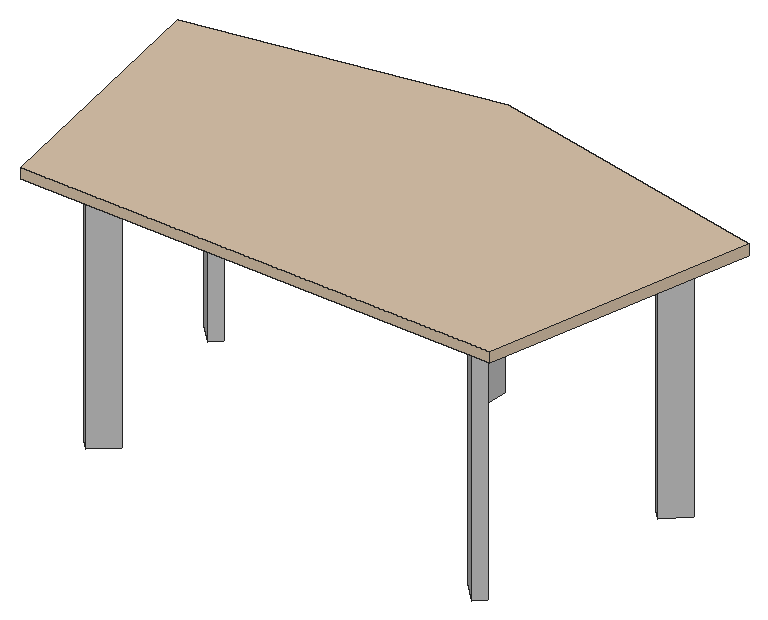
Revit family "Haworth_Planes_ConferenceTable_Polygon", category Furniture Systems, Revit 2018
Family settings
  Round Connector Dimension = Use Diameter
  Part Type = Normal
  OmniClass Number = 23.40.70.14.64.21
  OmniClass Title = Systems Furniture
  Work Plane-Based = No
  Always vertical = Yes
  Cut with Voids When Loaded = No
  Shared = No
  Room Calculation Point = No
Parameters (values of type "Standard")
  Warranty = "http://www.haworth.com/resources/product-info/warranties"
  URL - Product = "http://www.haworth.com/products/tables/conference/planes"
  Table Finish = Haworth _ Laminate _ Maple H-AE
  Table Edge Finish = Haworth _ Laminate _ Maple H-AE
  Sustainability Info = "http://www.haworth.com/company-info/sustainablility"
  Support Spacing Outside - From Edge = 8"  # constant formula
  Opening Single Wide = no
  Opening Single = and(not(or(Opening Single Wide, Opening Double, Opening Double Wide)), or(Cutout, Flip Top))  # no
  Opening Double Wide = no
  Opening Double = no
  Model = "Haworth - Planes - Conference Table - Polygon"  # constant formula
  Leg Finish = Haworth _ Paint _ Metallic Champagne
  Large = no
  Flip Top = no
  Description = "Haworth - Planes - Conference Table - Polygon"  # constant formula
  Cutout Width = if(Opening Single Wide, 11", if(Opening Double Wide, 11", 8"))  # 8"
  Cutout Depth = if(Opening Double, 7 3/4", if(Opening Double Wide, 7 3/4", 4"))  # 4"
  Cutout = no
  URL = "www.haworth.com"
  Table Thickness = 1 3/16"
  Support Spacing - From Edge = 13"  # constant formula
  Size = "Verify Final Dim. w/ Haworth"  # constant formula
  Revision Number = "3"  # constant formula
  Min/Max Width = "60 or 72 in."  # constant formula
  Min/Max Depth = "30 or 36 in."  # constant formula
  Min. Width = 66"  # constant formula
  Max. Width = 77 51/128"  # constant formula
  Min. Depth = 36 1/2"  # constant formula
  Max. Depth = 43 115/128"  # constant formula
  Manufacturer = "Haworth"  # constant formula
  Leg Height = Actual Height - Table Thickness  # 27 13/16"
  Author = "Haworth (Hampton)"  # constant formula
  Assembly Code = "E2020200"
  Actual Width = if(Large, 77 51/128", 66")  # 66"
  Actual Height = 29"  # constant formula
  Actual Depth = if(Actual Width = 77 51/128", 43 115/128", 36 1/2")  # 36 1/2"
Types (2): name | Large | Actual Width | Actual Depth
  Standard | no | 66" | 36 1/2"
  Large | yes | 77 51/128" | 43 115/128"
Reference planes (in)
  plane 1 "Center F/B": y = 0
  plane 2: z = 0
  plane 3 "Center L/R": x = 0
  plane 4 "Table Edge Left": x = -33
  plane 5 "Table Edge Right": x = 33
  plane 6 "Table Edge Front": y = 18.25
  plane 7 "Table Edge Back": y = -18.25
  plane 8 "Table Leg Left": x = -20
  plane 9 "Table Leg Right": x = 20
  plane 10 "Leg Middle": y = 15.25
  plane 11 "Leg Outside": x = -25
  plane 12 "Leg Outside Right": x = 25
Dimensions and locks (in)
  "Support Spacing - From Edge": plane 4 "Table Edge Left" to plane 8 "Table Leg Left"
  "Support Spacing - From Edge": plane 9 "Table Leg Right" to plane 5 "Table Edge Right"
  "Actual Width": plane 4 "Table Edge Left" to plane 5 "Table Edge Right"
  equal spacing: plane 4 "Table Edge Left", plane 3 "Center L/R", plane 5 "Table Edge Right"
  "Actual Depth": plane 6 "Table Edge Front" to plane 7 "Table Edge Back"
  equal spacing: plane 6 "Table Edge Front", plane 1 "Center F/B", plane 7 "Table Edge Back"
  locked: plane 6 "Table Edge Front" to plane 10 "Leg Middle" at 3
  "Support Spacing Outside - From Edge": plane 12 "Leg Outside Right" to plane 5 "Table Edge Right"
  "Support Spacing Outside - From Edge": plane 4 "Table Edge Left" to plane 11 "Leg Outside"
  aligned and locked: plane 3 "Center L/R" to nested 1
  aligned and locked: plane 1 "Center F/B" to nested 1
  aligned and locked: nested 1 to nested 2  (x2)
  aligned and locked: nested 4 to plane 11 "Leg Outside"
  aligned and locked: nested 5 to plane 12 "Leg Outside Right"
  aligned and locked: plane 8 "Table Leg Left" to nested 6
  aligned and locked: nested 7 to plane 9 "Table Leg Right"
Nested families (in)
  nested 1: "Haworth_Worksurface-Polygon" at (0, -15, 0), type "Worksurface"
    with Table Thickness 1 3/16"
  nested 2: "Haworth-Flip Top" at (-0.57037, -0.05249, 0), visible <- "Flip Top", type "Flip Top"
  nested 3: "Haworth_Planes-Interior-Leg" at (-8.5, 36.48931, 0), type "Middle Support"
    with Top Thickness 1 3/16", Support Post Standard yes, Support Post 45 Degree no, Support Height 27 13/16", Actual Top Thickness 1 3/16"
  nested 4: "Haworth_Planes-Interior-Leg" at (-47.70825, 18.15785, 0) x (0.7071, 0.7071, 0) z (0, 0, 1), type "Middle Support"
    with Top Thickness 1 3/16", Support Post Standard yes, Support Post 45 Degree no, Support Height 27 13/16", Actual Top Thickness 1 3/16"
  nested 5: "Haworth_Planes-Interior-Leg" at (47.70825, 18.15785, 0) x (-0.7071, 0.7071, 0) z (0, 0, 1), type "Middle Support"
    with Top Thickness 1 3/16", Support Post Standard yes, Support Post 45 Degree no, Support Height 27 13/16", Actual Top Thickness 1 3/16"
  nested 6: "Haworth_Planes-Interior-Leg" at (-42.70825, -22.15785, 0) x (0.7071, -0.7071, 0) z (0, 0, 1), type "Middle Support"
    with Top Thickness 1 3/16", Support Post Standard yes, Support Post 45 Degree no, Support Height 27 13/16", Actual Top Thickness 1 3/16"
  nested 7: "Haworth_Planes-Interior-Leg" at (42.70825, -22.15785, 0) x (-0.7071, -0.7071, 0) z (0, 0, 1), type "Middle Support"
    with Top Thickness 1 3/16", Support Post Standard yes, Support Post 45 Degree no, Support Height 27 13/16", Actual Top Thickness 1 3/16"
Definition of nested family "Haworth_Worksurface-Polygon"
  Parameters
    Warranty = ""
    URL - Product = ""
    URL = "www.haworth.com"
    Table Thickness = 1 1/2"
    Table Finish = none
    Table Edge Finish = none
    Sustainability Info = ""
    Revision Number = "2"  # constant formula
    OmniClass Number = ""
    Material Options = ""
    Manufacturer = "Haworth"  # constant formula
    LEED Data = ""
    Cutout Width = 8"
    Cutout Dimension = if(Cutout, 3", 1")  # 1"
    Cutout Depth = 4"
    Cutout = no
    Author = "SBH, SHAPE Environments, LLC"  # constant formula
    Assembly Code = ""
    Actual Width = 66"
    Actual Height = 29"
    Actual Depth = if(Actual Width = 77 51/128", 43 115/128", 36 1/2")  # 36 1/2"
  Reference planes (in)
    plane 1 "Center F/B": y = 15
    plane 2: z = 0
    plane 3 "Center L/R": x = 0
    plane 4 "Table Front": y = 33.25
    plane 5 "Table Right": x = 33
    plane 6 "Table Left": x = -33
    plane 7 "Table Back": y = -3.25
    plane 8 "Table Top": z = 29
    plane 9 "Table Bottom": z = 27.5
    plane 10 "Cutout Top": z = 30
    plane 11 "Cutout Bottom": z = 29
  Forms (in)
    Extrusion 1, solid, material <- "Table Finish"
      sketch origin (0, 0, 0) x (1, 0, 0) y (0, 1, 0)
        loop
          line (-27.15198, -3.25) -> (27.15198, -3.25) -> (33, 26.83545) -> (0, 33.25) -> (-33, 26.83545) -> (-27.15198, -3.25)
      from 27.5 to 29
    Extrusion 2, void
      sketch origin (0, 0, 29) x (-1, 0, 0) y (0, -1, 0)
        loop
          line (4, -17) -> (4, -13) -> (-4, -13) -> (-4, -17) -> (4, -17)
      from 0 to 1
  Cuts and joins
    Extrusion 2 cuts Extrusion 1
  Lines and regions (in)
    Masking region 1
      outline origin (0, 0, 0) x (1, 0, 0) y (0, 1, 0)
        loop
          line (0, 33.25) -> (-33, 26.83545) -> (-27.15198, -3.25) -> (27.15198, -3.25) -> (33, 26.83545) -> (0, 33.25)
    symbolic lines, visible <- "Cutout"
      curve 1: line (-4, 13, 0) -> (4, 13, 0)
      curve 2: line (4, 13, 0) -> (4, 17, 0)
      curve 3: line (4, 17, 0) -> (-4, 17, 0)
      curve 4: line (-4, 17, 0) -> (-4, 13, 0)
  Dimensions and locks (in)
    "Actual Depth": plane 7 "Table Back" to plane 4 "Table Front"
    "Actual Width": plane 6 "Table Left" to plane 5 "Table Right"
    equal spacing: plane 6 "Table Left", plane 3 "Center L/R", plane 5 "Table Right"
    equal spacing: plane 4 "Table Front", plane 1 "Center F/B", plane 7 "Table Back"
    "Table Thickness": plane 8 "Table Top" to plane 9 "Table Bottom"
    "Actual Height": plane 8 "Table Top" to level
    equal spacing: Extrusion 2 sketch curve, plane 3 "Center L/R", Extrusion 2 sketch curve
    "Cutout Width": Extrusion 2 sketch curve to Extrusion 2 sketch curve
    equal spacing: Extrusion 2 sketch curve, plane 1 "Center F/B", Extrusion 2 sketch curve
    "Cutout Depth": Extrusion 2 sketch curve to Extrusion 2 sketch curve
    locked: plane 10 "Cutout Top" to plane 8 "Table Top" at 1
    "Cutout Dimension": plane 10 "Cutout Top" to plane 11 "Cutout Bottom"
    angle Extrusion 1 sketch curve to Extrusion 1 sketch curve = 101.00°
    aligned and locked: plane 8 "Table Top" to Extrusion 1
    aligned and locked: Extrusion 1 to plane 9 "Table Bottom"
    aligned and locked: plane 7 "Table Back" to Extrusion 1 sketch curve
    aligned and locked: plane 10 "Cutout Top" to Extrusion 2
    aligned and locked: Extrusion 2 to plane 11 "Cutout Bottom"
    aligned and locked: curve 1 to Extrusion 2
    aligned and locked: curve 2 to Extrusion 2
    aligned and locked: curve 3 to Extrusion 2
    aligned and locked: curve 4 to Extrusion 2
    aligned and locked: Masking region 1 sketch curve to cut or joined group of Extrusion 1, Extrusion 2  (x3)
  Automatic sketch dimensions
    Masking region 1 sketch curve to plane 3 "Center L/R" = 0"
    Masking region 1 sketch curve to plane 5 "Table Right" = 0"
    plane 5 "Table Right" to Masking region 1 sketch curve = 5.84802"
    Extrusion 1 sketch curve to plane 6 "Table Left" = 0"
    Extrusion 1 sketch curve to plane 3 "Center L/R" = 0"
    Extrusion 1 sketch curve to plane 5 "Table Right" = 0"
    Extrusion 1 sketch curve to plane 4 "Table Front" = 0"
    plane 5 "Table Right" to Extrusion 1 sketch curve = 5.84802"
Definition of nested family "Haworth-Flip Top"
  Parameters
    Warranty = ""
    URL - Product = ""
    URL = ""
    Sustainability Info = ""
    Size = "Verify Final Dim. w/ Haworth"  # constant formula
    Single Sided = no
    Single Sided Wide = no
    Revision Number = ""
    OmniClass Number = ""
    Material Options = ""
    Manufacturer = "Haworth"  # constant formula
    LEED Data = ""
    Flip Top Finish = none
    Double Sided = no
    Double Sided Wide = no
    Author = "SHAPE Environments, LLC"  # constant formula
    Assembly Code = ""
    Actual Width = if(or(Double Sided Wide, Single Sided Wide), 11 1/4", 8 5/16")  # 8 5/16"
    Actual Height = 29"
    Actual Depth = if(or(Double Sided Wide, Double Sided), 8", 4 3/8")  # 4 3/8"
  Reference planes (in)
    plane 1 "Center F/B": y = 0.05249
    plane 2: z = 0
    plane 3 "Center L/R": x = 0.57037
    plane 4 "Back": y = 2.23999
    plane 5 "Right": x = 4.72662
    plane 6 "Front": y = -2.13501
    plane 7 "Left": x = -3.58588
    plane 8 "Table Height": z = 29
  Forms (in)
    Extrusion 1, solid, material <- "Flip Top Finish"
      sketch origin (0, 0, 29) x (-1, 0, 0) y (0, -1, 0)
        loop
          line (3.58588, -2.23999) -> (3.58588, 2.13501) -> (-4.72662, 2.13501) -> (-4.72662, -2.23999) -> (3.58588, -2.23999)
      from 0 to 0.125
    Extrusion 2, solid, material <- "Flip Top Finish"
      sketch origin (0, 0, 29) x (-1, 0, 0) y (0, -1, 0)
        loop
          line (3.46088, -2.05249) -> (3.46088, 1.94751) -> (-4.60162, 1.94751) -> (-4.60162, -2.05249) -> (3.46088, -2.05249)
      from 0 to -2.75
  Cuts and joins
    joined: Extrusion 1, Extrusion 2
  Lines and regions (in)
    symbolic lines
      curve 1: line (-3.58588, 2.23999, 29) -> (4.72662, 2.23999, 29)
      curve 2: line (-3.58588, -2.13501, 29) -> (-3.58588, 2.23999, 29)
      curve 3: line (4.72662, -2.13501, 29) -> (-3.58588, -2.13501, 29)
      curve 4: line (4.72662, 2.23999, 29) -> (4.72662, -2.13501, 29)
  Dimensions and locks (in)
    equal spacing: plane 7 "Left", plane 3 "Center L/R", plane 5 "Right"
    "Actual Width": plane 7 "Left" to plane 5 "Right"
    equal spacing: plane 6 "Front", plane 1 "Center F/B", plane 4 "Back"
    "Actual Depth": plane 4 "Back" to plane 6 "Front"
    plane 7 "Left" to Extrusion 2 sketch curve = 1/8"
    plane 4 "Back" to Extrusion 2 sketch curve = 3/16"
    Extrusion 2 sketch curve to plane 5 "Right" = 1/8"
    Extrusion 2 sketch curve to plane 6 "Front" = 3/16"
    "Actual Height": plane 8 "Table Height" to level
    aligned and locked: plane 7 "Left" to Extrusion 1 sketch curve
    aligned and locked: Extrusion 1 sketch curve to plane 4 "Back"
    aligned and locked: plane 6 "Front" to Extrusion 1 sketch curve
    aligned and locked: Extrusion 1 sketch curve to plane 5 "Right"
  Automatic sketch dimensions
    curve 4 to plane 5 "Right" = 0"
    curve 2 to plane 4 "Back" = 0"
    curve 2 to plane 7 "Left" = 0"
    curve 4 to plane 6 "Front" = 0"
Definition of nested family "Haworth_Planes-Interior-Leg"
  Parameters
    Top Thickness = 1 1/2"
    Support Post Standard = no
    Support Post 45 Degree = yes
    Support Height = Actual Height - Top Thickness  # 27 1/2"
    Model = "Worksurface"
    Worksurface Height = 29"
    Warranty = "www.haworth.com/en-us/Products/Pages/Certifications.aspx"
    URL - Product = "www.haworth.com/en-us/Products/Furniture/Systems/Desking-Systems/Pages/Compose.aspx"
    URL = "www.haworth.com"
    Sustainability Info = "www.haworth.com/en-us/About-Us/Sustainability/Pages/Vision.aspx"
    Support Finish = none
    Size = "Verify Final Dim. w/ Haworth"  # constant formula
    Revision Number = "1"  # constant formula
    Min/Max Height = "26-32 in."  # constant formula
    Min. Height = 20"  # constant formula
    Max. Height = 48"  # constant formula
    Manufacturer = "Haworth"  # constant formula
    LEED Data = "www.haworth.com/_layouts/Haworth.ProductCatalog/Handlers/GetAsset.ashx/ComposeLEEDContributions.pdf?cid=27&rid=1824&type=Leed"
    Description = "Worksurface Support"  # constant formula
    Author = "SHAPE Environments, LLC"  # constant formula
    Assembly Code = "E2020200"
    Actual Top Thickness = if(Top Thickness > 3", 3", if(Top Thickness < 1", 1", Top Thickness))  # 1 1/2"
    Actual Height = 29"
  Reference planes (in)
    plane 1: z = 0
    plane 2 "Center L/R": x = 8.5
    plane 3 "Support Top": z = 27.5
    plane 4 "Center F/B": y = -21.23931
  Forms (in)
    Extrusion 1, solid, material <- "Support Finish", visible <- "Support Post Standard"
      sketch origin (0, 0, 0) x (1, 0, 0) y (0, 1, 0)
        loop
          line (7.75, -22.86431) -> (9.25, -22.86431) -> (9.25, -19.61431) -> (7.75, -19.61431) -> (7.75, -22.86431)
      from 0 to 27.5
    Extrusion 2, solid, material <- "Support Finish", visible <- "Support Post 45 Degree"
      sketch origin (17.50805, -0.21044, 0) x (0.707107, -0.707107, 0) y (0.707107, 0.707107, 0)
        loop
          line (7.75, -22.86431) -> (9.25, -22.86431) -> (9.25, -19.61431) -> (7.75, -19.61431) -> (7.75, -22.86431)
      from 0 to 27.5
  Lines and regions (in)
    symbolic lines, visible <- "Support Post Standard", detail levels fine
      curve 1: line (7.75, -19.61431, 0) -> (9.25, -19.61431, 0)
      curve 2: line (7.75, -22.86431, 0) -> (7.75, -19.61431, 0)
      curve 3: line (9.25, -22.86431, 0) -> (7.75, -22.86431, 0)
      curve 4: line (9.25, -19.61431, 0) -> (9.25, -22.86431, 0)
    symbolic lines, visible <- "Support Post 45 Degree", detail levels fine
      curve 5: line (6.82062, -21.85803, 0) -> (9.11872, -19.55993, 0)
      curve 6: line (9.11872, -19.55993, 0) -> (10.17938, -20.62059, 0)
      curve 7: line (10.17938, -20.62059, 0) -> (7.88128, -22.91869, 0)
      curve 8: line (7.88128, -22.91869, 0) -> (6.82062, -21.85803, 0)
  Dimensions and locks (in)
    "Support Height": plane 3 "Support Top" to level
    aligned and locked: plane 3 "Support Top" to Extrusion 1
    aligned and locked: plane 3 "Support Top" to Extrusion 2
  Automatic sketch dimensions
    Extrusion 1 sketch curve to plane 4 "Center F/B" = 1 5/8"
    plane 2 "Center L/R" to Extrusion 1 sketch curve = 3/4"
    Extrusion 1 sketch curve to plane 2 "Center L/R" = 3/4"
    plane 4 "Center F/B" to Extrusion 1 sketch curve = 1 5/8"
    plane 2 "Center L/R" to Extrusion 2 sketch curve = 0.61872"
    Extrusion 2 sketch curve to plane 4 "Center F/B" = 1.67938"
    Extrusion 2 sketch curve to Extrusion 2 sketch curve = 1 1/2"
    Extrusion 2 sketch curve to Extrusion 2 sketch curve = 3 1/4"
    plane 4 "Center F/B" to curve 5 = 0.61872"
    curve 2 to plane 2 "Center L/R" = 3/4"
    curve 2 to curve 7 = 0.13128"
    plane 2 "Center L/R" to curve 6 = 0.61872"
    curve 5 to curve 4 = 0.13128"
    curve 6 to plane 4 "Center F/B" = 0.61872"
    curve 1 to curve 6 = 0.92938"
    curve 7 to curve 2 = 0.05438"
    curve 1 to curve 5 = 0.05438"
